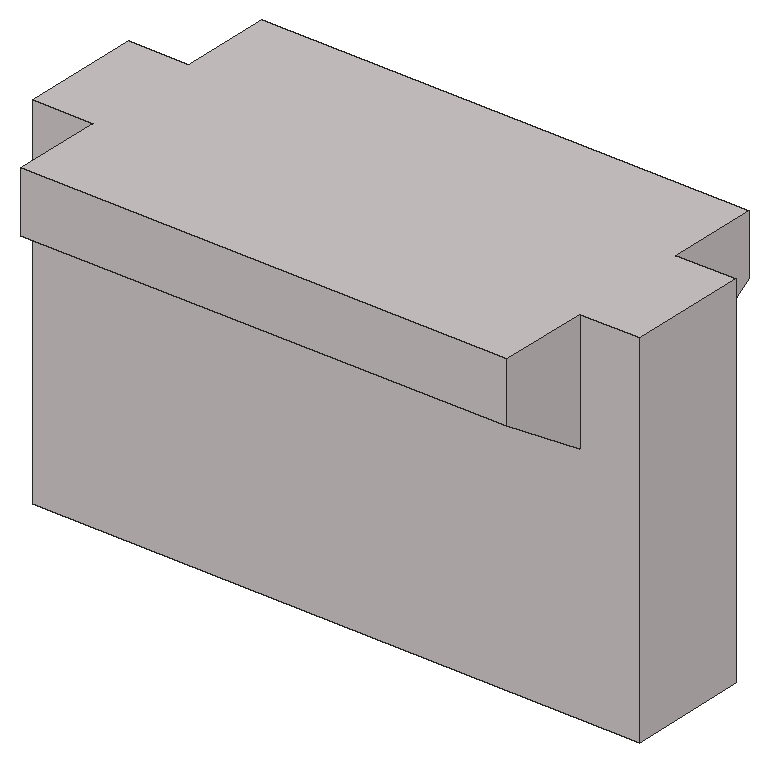
Revit family "68cade9867b84d59acbf623496dfeed4", category Structural Framing, Revit 2021
Family settings
  Display in Hidden Views = Edges Hidden by Other Members
  Structural Framing Length Roundoff = 0' - 0"
  Section Shape = Not Defined
  Material for Model Behavior = Precast Concrete
  Always export as geometry = No
  OmniClass Number = 23.25.30.11.14.14
  OmniClass Title = Beams
  Seek Item ID = Precast-Girder T-Parallel-0000-USA-ENU
  Always vertical = Yes
  Cut with Voids When Loaded = No
  Symbolic Representation = From Family
  Shared = No
  Show family pre-cut in plan views = Yes
Parameters (values of type "24"x8"")
  Tie Rod Weight [instance] = 30
  Tie Rod W [instance] = (Tie Rod Weight) * 2.20313 kip / 1000  # 0.0660938 kip
  Structural Material [instance] = Concrete, Precast
  Single Rebar Weight [instance] = 50
  Single Rebar W [instance] = (Single Rebar Weight * 2.20313 kip) / 1000  # 0.110156 kip
  Rebar Grids Weight [instance] = 100
  Rebar Grids W [instance] = (Rebar Grids Weight * 2.20313 kip) / 1000  # 0.220313 kip
  Length 1 = 0' - 4"
  D3 = 0' - 4"
  D2 = 0' - 4"
  B1 = 0' - 8"
  Assembly Code = "B10"
  Length [instance] = 5' - 0"
  B2 = 1' - 8"
  D1 = 2' - 0"
Types (3): name | Length 1 | D3 | D2 | B1 | D1
  (no name) | 0' - 4" | 0' - 4" | 0' - 4" | 0' - 8" | 2' - 0"
  24"x8" | 0' - 4" | 0' - 4" | 0' - 4" | 0' - 8" | 2' - 0"
  36"x12" | 0' - 6" | 0' - 3" | 0' - 8" | 1' - 0" | 3' - 0"
Reference planes (in)
  plane 1 "Center (Front/Back)": y = 0
  plane 2: z = 0
  plane 3 "Center (Left/Right)": x = 0.1815
  plane 4 "Member Left": x = -19.92874
  plane 5 "Member Right": x = 20.33898
  plane 6: y = 10
  plane 7: y = -10
  plane 8 "D1": z = 12
  plane 9 "Bottom": z = -12
  plane 10 "Left": x = -29.8185
  plane 11 "Right": x = 30.1815
  plane 12: y = 4
  plane 13: y = -4
  plane 14: x = -15.92874
  plane 15: x = 16.33898
  plane 16: x = 0.20512
  plane 17: z = 8
  plane 18 "D2": z = 12
  plane 19 "D4": z = 12
  plane 20: z = 8
  plane 21: z = 4
  plane 22: z = 4
Forms (in)
  Blend 1, solid, material "Concrete, Precast" <- "Structural Material"
    base sketch origin (0.1815, 0, 0) x (0, 1, 0) y (0, 0, 1)
      loop
        line (10, 12) -> (-10, 12) -> (-10, 8) -> (-4, 4) -> (-4, -12) -> (4, -12) -> (4, 4) -> (10, 8) -> (10, 12)
    top sketch origin (0.1815, 0, 0) x (0, 1, 0) y (0, 0, 1)
      loop
        line (10, 12) -> (-10, 12) -> (-10, 8) -> (-4, 4) -> (-4, -12) -> (4, -12) -> (4, 4) -> (10, 8) -> (10, 12)
    from 0.02362 to 16.15748
  Blend 2, solid, material "Concrete, Precast" <- "Structural Material"
    base sketch origin (16.90985, 0, 0) x (0, 1, 0) y (0, 0, -1)
      loop
        line (10, -12) -> (10, -8) -> (4, -4) -> (4, 12) -> (-4, 12) -> (-4, -4) -> (-10, -8) -> (-10, -12) -> (10, -12)
    top sketch origin (16.90985, 0, 0) x (0, 1, 0) y (0, 0, -1)
      loop
        line (10, -12) -> (10, -8) -> (4, -4) -> (4, 12) -> (-4, 12) -> (-4, -4) -> (-10, -8) -> (-10, -12) -> (10, -12)
    from 16.70472 to 32.83858
  Blend 3, solid, material "Concrete, Precast" <- "Structural Material"
    base sketch origin (0.1815, 0, 0) x (0, 1, 0) y (0, 0, 1)
      loop
        line (4, 12) -> (-4, 12) -> (-4, -12) -> (4, -12) -> (4, 12)
    top sketch origin (0.1815, 0, 0) x (0, 1, 0) y (0, 0, 1)
      loop
        line (4, -12) -> (4, 12) -> (-4, 12) -> (-4, -12) -> (4, -12)
    from 16.15748 to 20.15748
  Blend 4, solid, material "Concrete, Precast" <- "Structural Material"
    base sketch origin (16.90985, 0, 0) x (0, 1, 0) y (0, 0, -1)
      loop
        line (4, -12) -> (4, 12) -> (-4, 12) -> (-4, -12) -> (4, -12)
    top sketch origin (16.90985, 0, 0) x (0, 1, 0) y (0, 0, -1)
      loop
        line (4, 12) -> (-4, 12) -> (-4, -12) -> (4, -12) -> (4, 12)
    from 32.83858 to 36.83858
Cuts and joins
  joined: Blend 1, Blend 2, Blend 3, Blend 4
Dimensions and locks (in)
  "B2": plane 6 to plane 7
  equal spacing: plane 9 "Bottom", plane 2, plane 8 "D1"
  equal spacing: plane 6, plane 1 "Center (Front/Back)", plane 7
  "D1": plane 9 "Bottom" to plane 8 "D1"
  "Length": plane 10 "Left" to plane 11 "Right"
  "B1": plane 12 to plane 13
  equal spacing: plane 12, plane 1 "Center (Front/Back)", plane 13
  "D2": plane 8 "D1" to plane 17
  "D2": plane 20 to plane 19 "D4"
  level to Blend 2 sketch curve = 1' - 0"
  equal spacing: plane 14, plane 16, plane 15
  "D3": plane 17 to plane 21
  "D3": plane 20 to plane 22
  "Length 1": plane 4 "Member Left" to plane 14
  "Length 1": plane 15 to plane 5 "Member Right"
  aligned and locked: plane 8 "D1" to Blend 1 sketch curve
  aligned and locked: plane 7 to Blend 1 sketch curve  (x2)
  aligned and locked: Blend 1 sketch curve to plane 6  (x2)
  aligned and locked: plane 17 to Blend 1 sketch curve
  aligned and locked: Blend 1 to plane 16
  aligned and locked: plane 7 to Blend 2 sketch curve  (x2)
  aligned and locked: plane 8 "D1" to Blend 2 sketch curve
  aligned and locked: Blend 2 sketch curve to plane 6  (x2)
  aligned and locked: plane 16 to Blend 2
  aligned and locked: Blend 3 sketch curve to var sketch
  aligned and locked: Blend 3 sketch curve to plane 13
  aligned and locked: plane 12 to Blend 3 sketch curve
  aligned and locked: Blend 3 sketch curve to plane 12
  aligned and locked: plane 13 to Blend 3 sketch curve
  aligned and locked: Blend 4 sketch curve to plane 13
  aligned and locked: Blend 4 sketch curve to plane 12
  aligned and locked: plane 13 to Blend 4 sketch curve
  aligned and locked: plane 9 "Bottom" to Blend 4 sketch curve
  aligned and locked: Blend 4 sketch curve to plane 9 "Bottom"
  aligned and locked: plane 12 to Blend 4 sketch curve
  aligned and locked: plane 9 "Bottom" to Blend 3 sketch curve
  aligned and locked: Blend 2 to plane 14
  aligned and locked: plane 18 "D2" to Blend 4 sketch curve
  aligned and locked: plane 18 "D2" to Blend 3 sketch curve
  aligned and locked: plane 19 "D4" to Blend 1 sketch curve
  aligned and locked: Blend 1 to plane 15
  aligned and locked: plane 19 "D4" to Blend 4 sketch curve
  aligned and locked: plane 14 to Blend 4
  aligned and locked: Blend 2 sketch curve to cut or joined group of Blend 1, Blend 2, Blend 3, Blend 4
  aligned and locked: Blend 2 sketch curve to plane 9 "Bottom"
  aligned and locked: plane 12 to Blend 2 sketch curve
  aligned and locked: plane 21 to Blend 2 sketch curve  (x2)
  aligned and locked: Blend 2 sketch curve to var sketch
  aligned and locked: Blend 3 sketch curve to plane 19 "D4"
  aligned and locked: plane 15 to Blend 3
  aligned and locked: cut or joined group of Blend 1, Blend 2, Blend 3, Blend 4 to Blend 1 sketch curve  (x2)
  aligned and locked: Blend 1 sketch curve to var sketch
  aligned and locked: var sketch to Blend 1 sketch curve
  aligned and locked: plane 8 "D1" to plane 19 "D4"
  aligned and locked: plane 18 "D2" to plane 8 "D1"
  aligned and locked: plane 2 to level
  aligned and locked: plane 4 "Member Left" to Blend 4
  aligned and locked: Blend 3 to plane 5 "Member Right"
Automatic sketch dimensions
  Blend 2 sketch curve to plane 17 = 0' - 0"  (x2)
  Blend 2 sketch curve to plane 12 = 0' - 0"
  Blend 2 sketch curve to plane 19 "D4" = 0' - 0"
  Blend 2 sketch curve to plane 20 = 0' - 0"  (x2)
  Blend 2 sketch curve to plane 13 = 0' - 0"
  Blend 2 sketch curve to plane 22 = 0' - 0"  (x2)
  Blend 1 sketch curve to plane 17 = 0' - 0"
  Blend 1 sketch curve to plane 12 = 0' - 0"  (x2)
  Blend 1 sketch curve to plane 21 = 0' - 0"  (x2)
  Blend 1 sketch curve to plane 20 = 0' - 0"  (x2)
  Blend 1 sketch curve to plane 22 = 0' - 0"  (x2)
